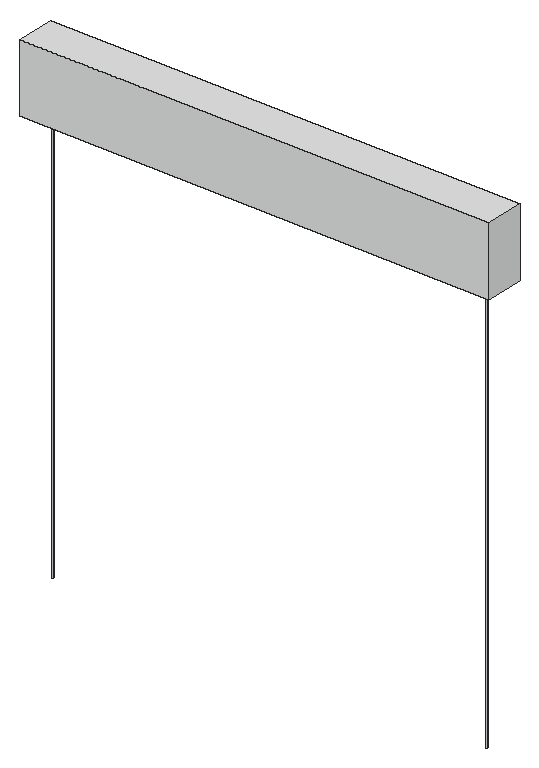
Revit family "Lighting-Suspended-Amerlux-Carisma 2 Direct ", category Lighting Fixtures, host Face, Revit 2020
Family settings
  Host = Face
  Round Connector Dimension = Use Diameter
  Part Type = Normal
  Cut with Voids When Loaded = No
  Light Source = Yes
  Shared = No
  Room Calculation Point = No
Parameters (values of type "Carisma 2 Direct")
  Width = 0' - 2"
  Wattage = 9.2903 W
  built-in parameter 1150110 = 1 (stored number, unit not read)
  Voltage = 0 V
  URL = "http://www.amerlux.com/"
  built-in parameter 1114217 = 1 (stored number, unit not read)
  Tilt Angle = -90.00°
  built-in parameter 1150109 = 1 (stored number, unit not read)
  built-in parameter 1150134 = 3
  Suspension Length [instance] = 2' - 0"
  built-in parameter 1150113 = 1 (stored number, unit not read)
  Right Cable [instance] = yes
  Power Factor = 1
  Photometric Web File = "Load File"
  Number of Poles = 1
  built-in parameter 1150142 = (empty or 0)
  Model = "Carisma 2 Direct"
  Manufacturer = "Amerlux"
  built-in parameter 1150105 = 109.82 (stored number, unit not read)
  Lumens = 1380 lm
  built-in parameter 1150115 = 1 (stored number, unit not read)
  built-in parameter 1150137 = (empty or 0)
  built-in parameter 1150139 = (empty or 0)
  Length = 2' - 0"
  Left Cable [instance] = yes
  built-in parameter 1150112 = 1 (stored number, unit not read)
  built-in parameter 1150114 = 1 (stored number, unit not read)
  built-in parameter 1150132 = (empty or 0)
  built-in parameter 1150102 = (empty or 0)
  built-in parameter 1150107 = 3200 (stored number, unit not read)
  built-in parameter 1150138 = (empty or 0)
  built-in parameter 1150106 = 1.0982 (stored number, unit not read)
  Fixture Finish = Aluminum Finish
  Emit from Line Length = Length  # 2' - 0"
  built-in parameter 1150104 = 13.8 (stored number, unit not read)
  Dimming Lamp Color Temperature Shift = <None>
  Description = "Linear Direct LED"
  Default Elevation = 4' - 0"
  Color Filter = 16777215
  built-in parameter 1114218 = 1 (stored number, unit not read)
  built-in parameter 1150133 = 10 (stored number, unit not read)
  Apparent Load = 0 VA
Reference planes (in)
  plane 1 "Center (Front/Back)": y = 0
  plane 2: z = 0
  plane 3 "Center (Left/Right)": x = 0
  plane 4: y = -1
  plane 5: y = 1
  plane 6: z = 24
  plane 7: x = -12
  plane 8: x = 12
  plane 9: x = -11.125
  plane 10: x = 11.125
Forms (in)
  Extrusion 1, solid, material "Aluminum Finish" <- "Fixture Finish"
    sketch origin (0, 0, 0) x (0, 1, 0) y (0, 0, 1)
      loop
        line (1, 24.8125) -> (-1, 24.8125) -> (-1, 21.3125) -> (1, 21.3125) -> (1, 24.8125)
    from -12 to 12
  Extrusion 2, solid, visible <- "Left Cable"
    sketch origin (0, 0, 0) x (1, 0, 0) y (0, 1, 0)
      loop
        circle (-11.125, 0) r 0.0476
    from 0 to 24
  Extrusion 3, solid, visible <- "Right Cable"
    sketch origin (0, 0, 0) x (-1, 0, 0) y (0, -1, 0)
      loop
        circle (-11.125, 0) r 0.0476
    from 0 to 21.3125
Dimensions and locks (in)
  "Suspension Length": plane 6 to host face
  equal spacing: plane 5, plane 1 "Center (Front/Back)", plane 4
  "Width": plane 5 to plane 4
  equal spacing: plane 7, plane 3 "Center (Left/Right)", plane 8
  "Length": plane 7 to plane 8
  locked: imposter light to plane 6 at 0.8125
  locked: plane 7 to plane 9 at 0.875
  locked: plane 9 to Extrusion 2 sketch curve at 0.0476
  plane 10 to Extrusion 1 = 0' - 0 7/8"
  plane 10 to Extrusion 3 = 0' - 0.0476"
  locked: Extrusion 1 sketch curve to Extrusion 1 sketch curve at 3.5
  aligned and locked: plane 2 to host face
  aligned and locked: level to host face
  aligned and locked: Extrusion 1 to plane 7
  aligned and locked: plane 6 to Extrusion 2
  aligned and locked: plane 8 to Extrusion 1
  aligned and locked: Extrusion 3 to Extrusion 1
  aligned and locked: Extrusion 1 sketch curve to plane 4
  aligned and locked: plane 5 to Extrusion 1 sketch curve
  aligned and locked: imposter light to Extrusion 1
Automatic sketch dimensions
  host sketch curve to host sketch curve = 8' - 0"  (x2)
  plane 1 "Center (Front/Back)" to Extrusion 2 sketch curve = 0' - 0"
  Extrusion 2 sketch curve to plane 9 = 0' - 0"
  plane 1 "Center (Front/Back)" to Extrusion 3 sketch curve = 0' - 0"
  plane 8 to Extrusion 3 sketch curve = 0' - 0 7/8"
  Extrusion 1 sketch curve to plane 6 = 0' - 2 11/16"
  radius of Extrusion 3 sketch curve = 0' - 0.0476"
Connectors (in)
  electrical at (12, 0, 23.0625), driven by "Number of Poles", driven by "Voltage", driven by "Apparent Load", driven by "Power Factor"
    settings: on Extrusion 1, index 1, voltage 0 V, apparent load 0 VA, apparent load phase1 0 VA, apparent load phase2 0 VA, apparent load phase3 0 VA, power factor 1, load classification "Other", number of poles 1, system type 31, power factor state 1, is connector primary yes, connector utility no, sub classification motor no, connector description "Power"
